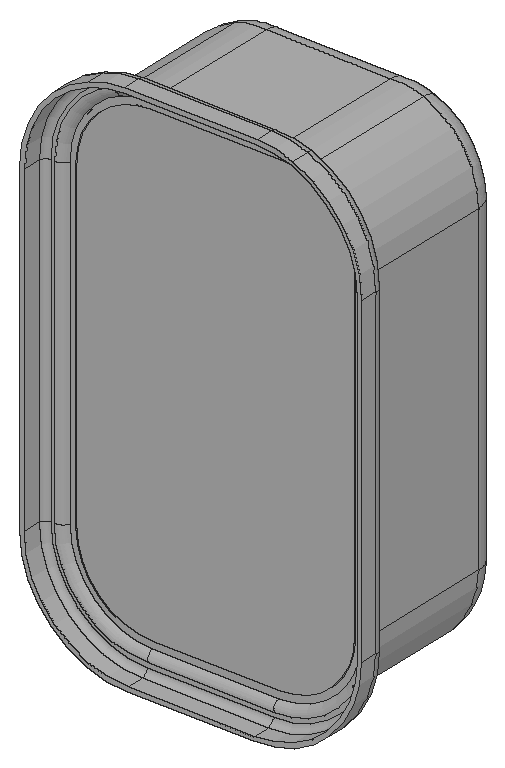
Revit family "119-DISPENSADOR DE JABÓN LÍQUIDO 0.5 L AC INOX", category Aparatos sanitarios, Revit 2020
Family settings
  Anfitrión = Muro
  Cota de conector redondo = Diámetro de uso
  Tipo de pieza = Normal
  Número OmniClass = 23.45.00.00
  Título OmniClass = Sanitary, Laundry, and Cleaning Equipment
  Siempre vertical = Sí
  Corte con vacíos al cargar = Sí
  Compartido = Sí
  Punto de cálculo de habitación = No
Parameters (values of type "DISPENSADOR DE JABÓN LÍQUIDO 0.5 L AC INOX")
  shaft = no
  URL = "https://briggs.cl/producto/dispensador-jabon-liquido-a-muro-acero-inoxidable/"
  Manufacturer = ""
  F_Tolerancia dimensional = "'+- 5%"
  F_Tipo de instalación = "A muro"
  F_Tipo de aro = ""
  F_SKU = "SG0073933061CG"
  F_Profundidad = 65 mm
  F_Productos necesarios para instalación = ""
  F_Productos incluidos = "Set de fijación y llave de seguridad"
  F_Peso = 0.00 kgf
  F_Distancia de instalación a muro terminado (cm) = ""
  F_Descripción = "Dispensador de jabón liquido vertical con depósito de polietileno, accionado por pulsador manual, apto para jabón líquido, crema y bloqueador solar"
  F_Contacto comercial = "ventas@briggs.cl"
  F_Consumo / Capacidad de agua (L) = "0.5"
  F_Color = "Acero inoxidable ss304 brillante"
  F_Certificación = ""
  F_Ancho = 95 mm
  F_Alto = 150 mm
  Description = ""
  Elevación por defecto = 900 mm
Reference planes
  plane 1: y = 0
  plane 2 "Centro (Izquierda/Derecha)": x = 125
  plane 3 "Posterior": y = 75
  plane 4: z = 900
  plane 5: z = 0
Text (mm)
  text "Cara de colocación" at (-3934.86, 1431.993, 0), in view "Nivel de referencia"
  text "Cara de colocación" at (0, 1827.695, 2917.686), in view "Izquierda"
  text "Cara de colocación" at (0, 562.268, 3853.606), in view "Derecha"
Dimensions and locks
  locked: plane 3 "Posterior" to host wall
  "Elevación por defecto": plane 5 to plane 4
  plane 4 to nested 1 = 150 mm
  plane 3 "Posterior" to nested 1 = 55 mm
  nested 1 to nested 1 = 95 mm
  aligned and locked: host wall to plane 1
  aligned and locked: nested 1 to plane 2 "Centro (Izquierda/Derecha)"
  aligned and locked: nested 1 to plane 3 "Posterior"
  aligned and locked: nested 1 to plane 4
Nested families
  nested 1: "DISPENSADOR DE JABÓN LÍQUIDO 0.5 L AC INOX" at (125, 75, 900) x (-1, 0, 0) z (0, 0, 1), type "DISPENSADOR DE JABÓN LÍQUIDO 0.5 L AC INOX"
Definition of nested family "DISPENSADOR DE JABÓN LÍQUIDO 0.5 L AC INOX"
  Parameters (values of type "DISPENSADOR DE JABÓN LÍQUIDO 0.5 L AC INOX")
    ACERO 2 = none
    ACERO = none
    Default Elevation = 0 mm
  Reference planes
    plane 1 "Centro (Frontal/Posterior)": y = 0
    plane 2: z = 0
    plane 3 "Centro (Izquierda/Derecha)": x = 0
    plane 4: z = 0
    plane 5: z = 70
    plane 6: z = 40
    plane 7: z = 150
    plane 8: y = -55
    plane 9: x = -47.5
    plane 10: x = 47.5
    plane 11: x = -57.474
    plane 12: x = 57.474
  Forms (mm)
    Sweep 1, solid, material <- "ACERO 2"
      path origin (0, 0, 0) x (1, 0, 0) y (0, 0, 1)
        loop
          line (-17.5, 0) -> (17.5, 0)
          arc (17.5, 0) -> (38.713, 8.787) -> (47.5, 30) r 30
          line (47.5, 30) -> (47.5, 120.184)
          arc (47.5, 120.184) -> (42.251, 137.137) -> (28.34, 148.157) r 30
          arc (28.34, 148.157) -> (23.497, 149.535) -> (18.483, 150) r 27.278
          line (18.483, 150) -> (-18.483, 150)
          arc (-18.483, 150) -> (-23.497, 149.535) -> (-28.34, 148.157) r 27.278
          arc (-28.34, 148.157) -> (-42.251, 137.137) -> (-47.5, 120.184) r 30
          line (-47.5, 120.184) -> (-47.5, 30)
          arc (-47.5, 30) -> (-38.713, 8.787) -> (-17.5, 0) r 30
      profile origin (-47.5, 0, 75.092) x (0, -1, 0) y (1, 0, 0)
        loop
          line (0, 0) -> (5.012, 0)
          arc (5.012, 0) -> (7.125, 0.875) -> (8, 2.988) r 2.988
          line (8, 2.988) -> (8, 4.14)
          arc (8, 4.14) -> (8.527, 5.413) -> (9.8, 5.94) r 1.8
          line (9.8, 5.94) -> (9.8, 7.14) -> (9.8, 8.731) -> (8.6, 8.731) -> (8.6, 6.889)
          arc (8.6, 6.889) -> (7.29, 5.783) -> (6.8, 4.14) r 3
          line (6.8, 4.14) -> (6.8, 2.988)
          arc (6.8, 2.988) -> (6.276, 1.724) -> (5.012, 1.2) r 1.788
          line (5.012, 1.2) -> (0, 1.2) -> (0, 0)
    Extrusion 2, solid, material <- "ACERO 2"
      sketch origin (-300, -8.6, 0) x (1, 0, 0) y (0, 0, 1)
        loop
          arc (274.815, 140.016) -> (264.952, 132.203) -> (261.231, 120.184) r 21.269
          line (261.231, 120.184) -> (261.231, 30)
          arc (261.231, 30) -> (267.46, 14.96) -> (282.5, 8.731) r 21.269
          line (282.5, 8.731) -> (317.5, 8.731)
          arc (317.5, 8.731) -> (332.54, 14.96) -> (338.769, 30) r 21.269
          line (338.769, 30) -> (338.769, 120.184)
          arc (338.769, 120.184) -> (335.048, 132.203) -> (325.185, 140.016) r 21.269
          arc (325.185, 140.016) -> (321.892, 140.953) -> (318.483, 141.269) r 18.547
          line (318.483, 141.269) -> (281.517, 141.269)
          arc (281.517, 141.269) -> (278.108, 140.953) -> (274.815, 140.016) r 18.547
      from 0 to 1.2
    Sweep 3, solid, material <- "ACERO 2"
      path origin (0, 0, 0) x (1, 0, 0) y (0, 0, 1)
        loop
          line (-17.5, 0) -> (17.5, 0)
          arc (17.5, 0) -> (38.713, 8.787) -> (47.5, 30) r 30
          line (47.5, 30) -> (47.5, 120.01)
          arc (47.5, 120.01) -> (42.251, 136.963) -> (28.34, 147.983) r 30
          arc (28.34, 147.983) -> (22.714, 149.496) -> (16.895, 149.78) r 27.278
          arc (16.895, 149.78) -> (0, 149.288) -> (-16.895, 149.78) r 290.076
          arc (-16.895, 149.78) -> (-22.714, 149.496) -> (-28.34, 147.983) r 27.278
          arc (-28.34, 147.983) -> (-42.251, 136.963) -> (-47.5, 120.01) r 30
          line (-47.5, 120.01) -> (-47.5, 30)
          arc (-47.5, 30) -> (-38.713, 8.787) -> (-17.5, 0) r 30
      profile origin (-47.5, 0, 75.005) x (0, -1, 0) y (1, 0, 0)
        loop
          line (9.8, 5.94) -> (48, 5.94)
          arc (48, 5.94) -> (52.95, 7.99) -> (55, 12.94) r 7
          line (55, 12.94) -> (55, 16.174) -> (53.8, 16.174) -> (53.8, 12.94)
          arc (53.8, 12.94) -> (52.101, 8.839) -> (48, 7.14) r 5.8
          line (48, 7.14) -> (9.8, 7.14) -> (9.8, 5.94)
    Revolve 4, solid, material <- "ACERO"
      sketch origin (0, 21, -16.085) x (0, 1, 0) y (0, 0, 1)
        loop
          line (-76, 68.085) -> (-91.336, 65.575)
          arc (-91.336, 65.575) -> (-91.829, 65.275) -> (-91.972, 64.716) r 0.767
          arc (-91.972, 64.716) -> (-91.663, 62.071) -> (-91.448, 59.417) r 74.42
          line (-91.448, 59.417) -> (-108.5, 62.404) -> (-108.5, 63.914) -> (-107.588, 63.914) -> (-107.588, 65.385) -> (-108.5, 65.385) -> (-109.867, 65.385)
          arc (-109.867, 65.385) -> (-110.698, 65.005) -> (-110.955, 64.127) r 1.1
          arc (-110.955, 64.127) -> (-110.49, 60.116) -> (-110.252, 56.085) r 71.359
          line (-110.252, 56.085) -> (-76, 56.085) -> (-76, 68.085)
        axis (-76, 56.085) -> (-110.955, 56.085)
      angle from 0 to 360
    Revolve 5, solid, material <- "ACERO"
      sketch origin (0, 21, 13.915) x (0, 1, 0) y (0, 0, 1)
        loop
          line (-84.7, 56.085) -> (-76, 56.085) -> (-76, 68.085) -> (-78.439, 68.085) -> (-79, 67.524) -> (-79, 65.585) -> (-83.601, 65.585)
          arc (-83.601, 65.585) -> (-84.378, 65.263) -> (-84.7, 64.486) r 1.099
          line (-84.7, 64.486) -> (-84.7, 56.085)
        axis (-76, 56.085) -> (-84.7, 56.085)
      angle from 0 to 360
    Extrusion 6, solid, material <- "ACERO 2"
      sketch origin (-267.543, -55, 200.8) x (-1, 0, 0) y (0, 0, 1)
        loop
          arc (-245.047, -67.898) -> (-247.337, -67.282) -> (-249.706, -67.166) r 11.104
          arc (-249.706, -67.166) -> (-267.543, -67.686) -> (-285.38, -67.166) r 306.25
          arc (-285.38, -67.166) -> (-287.748, -67.282) -> (-290.038, -67.898) r 11.104
          arc (-290.038, -67.898) -> (-296.45, -72.977) -> (-298.869, -80.79) r 13.826
          line (-298.869, -80.79) -> (-298.869, -170.8)
          arc (-298.869, -170.8) -> (-294.819, -180.577) -> (-285.043, -184.626) r 13.826
          line (-285.043, -184.626) -> (-250.043, -184.626)
          arc (-250.043, -184.626) -> (-240.266, -180.577) -> (-236.217, -170.8) r 13.826
          line (-236.217, -170.8) -> (-236.217, -80.79)
          arc (-236.217, -80.79) -> (-238.636, -72.977) -> (-245.047, -67.898) r 13.826
      from 0 to 1.2
  Cuts and joins
    joined: Sweep 3, Extrusion 6
  Dimensions and locks
    plane 5 to level = 70 mm
    plane 6 to level = 40 mm
    plane 7 to level = 150 mm
    plane 10 to plane 9 = 95 mm
    plane 8 to plane 1 "Centro (Frontal/Posterior)" = 55 mm
    aligned and locked: level to plane 2
